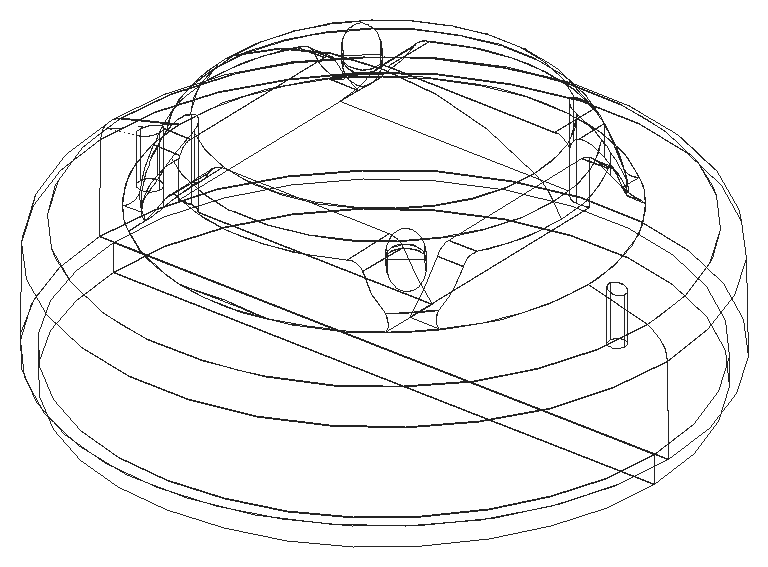
Revit family "Maxlogic Detectors", category Fire Alarm Devices, host Face, Revit 2022
Family settings
  Host = Face
  Round Connector Dimension = Use Diameter
  Part Type = Normal
  OmniClass Number = 23.85.30.21
  OmniClass Title = Environmental Detection/Registration
  Cut with Voids When Loaded = No
  Maintain Annotation Orientation = Yes
  Shared = No
  Room Calculation Point = No
Parameters (values of type "Maxlogic Intelligent Addressable Photo-Electric Smoke Detector, Short Circuit Isolator")
  Weight = "100 gr"
  Weatherproof surface mounting back box = "ML-0121"
  Warranty Duration Unit = "Year"
  Warranty Duration Parts = "2"
  Warranty Duration Labor = "2"
  Version = ""
  URL = "https://www.mavili.com.tr/en"
  Recessed mounting base = "ML-0150"
  Public Works Pose Number = "833-501"
  Protection Sign = ""
  Product Code = "ML-1110.SCI"
  Phone Number = "(+)90 216 466 45 05"
  Operatonal Voltage (default) = "26 V/DC"
  Operating voltage range = "18-33V/DC"
  Operating temperature = "(-10°C) - (+50°C)"
  Nominal Depth = "51 mm"
  Nominal Width = "106 mm"
  Nominal Height = "106 mm"
  Multisensor Circle = no
  Mounting surface = "Ceiling mount"
  Mounting height = ""
  Model = "Maxlogic"
  Manufacturer = "Mavili Elektronik Ticaret A.Ş."
  Heat Circle = no
  Installation Manual = "https://mavilielektronik.com/Revit/ML11XX_kk.pdf"
  Indicator output = "MG-4000.A"
  Fax Number = "(+)90 216 466 45 10"
  External supply = ""
  Email = "mavili@mavili.com.tr"
  Disclaimer = ""
  Device Adress Setup = "The address is given to devices by addressable programmer"
  Detectıon radıus = "6,2 m"
  Description = "Intelligent Addressable Photo-Electric Smoke Detector, Short Circuit Isolator"
  Default Elevation = 0 mm
  Current consumption = ""
  Cost unıt = ""
  Cost = 0
  Compatible sockets 2 = "ML-0141"
  Compatible sockets = "ML-0140"
  Color = "White"
  Code Performance = "EN 54-7 / EN 54-17"
  Main Material = "White Plastic PC/ABS"
  Secondary Material = "Plastic"
  Address line 1 = "Şerifali Mahallesi Kutup Sokak No:27/1-2-4 Ümraniye TR-34775 İSTANBUL"
Types (11, lengths in mm): name | Weight | Public Works Pose Number | Product Code | Operating voltage range | Multisensor Circle | Mounting surface | Heat Circle | Installation Manual | Indicator output | Device Adress Setup | Detectıon radıus | Description | Code Performance
  (no name) | "100 gr" | "833-501" | "ML-1110.SCI" | "18-33V/DC" | no | "Ceiling mount" | no | "https://mavilielektronik.com/Revit/ML11XX_kk.pdf" | "MG-4000.A" | "The address is given to devices by addressable programmer" | "6,2 m" | "Intelligent Addressable Photo-Electric Smoke Detector, Short Circuit Isolator" | "EN 54-7 / EN 54-17"
  Maxlogic Conventional Optical smoke dedector | "140 gr" | "832-106" | "ML-2110" | "10-30V/DC" | no | "Ceiling mount" | no | "https://mavilielektronik.com/Revit/ML21XX_kk.pdf" | "MG-4000" | "" | "6,2 m" | "Conventional Optical smoke dedector" | "EN 54-7"
  Maxlogic Intelligent Addressable Photo-Electric Smoke Detector | "100 gr" | "833-500" | "ML-1110" | "18-33V/DC" | no | "Ceiling mount" | no | "https://mavilielektronik.com/Revit/ML11XX_kk.pdf" | "MG-4000.A" | "The address is given to devices by addressable programmer" | "6,2 m" | "Intelligent Addressable Photo-Electric Smoke Detector" | "EN 54-7"
  Maxlogic Intelligent Addressable Photo-Electric Smoke Detector, Short Circuit Isolator | "100 gr" | "833-501" | "ML-1110.SCI" | "18-33V/DC" | no | "Ceiling mount" | no | "https://mavilielektronik.com/Revit/ML11XX_kk.pdf" | "MG-4000.A" | "The address is given to devices by addressable programmer" | "6,2 m" | "Intelligent Addressable Photo-Electric Smoke Detector, Short Circuit Isolator" | "EN 54-7 / EN 54-17"
  Maxlogic Conventional Fixed heat detector | "135 gr" | "832-102" | "ML-2120" | "10-30V/DC" | no | "Ceiling mount" | yes | "https://mavilielektronik.com/Revit/ML21XX_kk.pdf" | "MG-4000" | "" | "4,5 m" | "Conventional Fixed heat detector" | "EN 54-5"
  Maxlogic Conventional Rate of rise heat detector | "135 gr" | "832-103" | "ML-2130" | "10-30V/DC" | no | "ceiling mount" | yes | "https://mavilielektronik.com/Revit/ML21XX_kk.pdf" | "MG-4000" | "" | "4,5 m" | "Conventional Rate of rise heat detector" | "EN 54-5"
  Maxlogic Intelligent Addressable Heat Detector | "95 gr" | "833-520" | "ML-1130" | "18-33V/DC" | no | "Ceiling mount" | yes | "https://mavilielektronik.com/Revit/ML11XX_kk.pdf" | "MG-4000.A" | "The address is given to devices by addressable programmer" | "4,5 m" | "Intelligent Addressable Heat Detector" | "EN 54-5"
  Maxlogic Intelligent Addressable Heat Detector, Short Circuit Isolator | "95 gr" | "833-521" | "ML-1130.SCI" | "18-33V/DC" | no | "Ceiling mount" | yes | "https://mavilielektronik.com/Revit/ML11XX_kk.pdf" | "MG-4000.A" | "The address is given to devices by addressable programmer" | "4,5 m" | "Intelligent Addressable Heat Detector, Short Circuit Isolator" | "EN 54-5 / EN 54-17"
  Maxlogic Conventional Multi-Sensor detector | "141 gr" | "832-109" | "ML-2140" | "10-30V/DC" | yes | "Ceiling mount" | yes | "https://mavilielektronik.com/Revit/ML21XX_kk.pdf" | "MG-4000" | "" | "4,5 m" | "Conventional Multi-Sensor detector" | "EN 54-5 / EN 54-7"
  Maxlogic Intelligent Addressable Multisensor Detector (Photo-Electric Smoke+Heat ) | "100 gr" | "833-530" | "ML-1140" | "18-33V/DC" | yes | "Ceiling mount" | yes | "https://mavilielektronik.com/Revit/ML11XX_kk.pdf" | "MG-4000.A" | "The address is given to devices by addressable programmer" | "4,5 m" | "Intelligent Addressable Multisensor Detector (Photo-Electric Smoke+Heat )" | "EN 54-5 / EN 54-7 / EN 54-17"
  Maxlogic Intelligent Addressable Multisensor Detector (Photo-Electric Smoke+Heat ), Short Circuit Isolator | "100 gr" | "833-531" | "ML-1140.SCI" | "18-33V/DC" | yes | "Ceiling mount" | yes | "https://mavilielektronik.com/Revit/ML11XX_kk.pdf" | "MG-4000.A" | "The address is given to devices by addressable programmer" | "4,5 m" | "Intelligent Addressable Multisensor Detector (Photo-Electric Smoke+Heat ), Short Circuit Isolator" | "EN 54-5 / EN 54-7 / EN 54-17"
Reference planes
  plane 1 "Center (Front/Back)": y = 0
  plane 2: z = 0
  plane 3 "Center (Left/Right)": x = 0
Forms (mm)
  Revolve 1, solid, material "Mavili beyaz"
    sketch origin (0, 0, 0) x (1, 0, 0) y (0, 0, 1)
      loop
        line (-52.919, 5) -> (0, 5) -> (0, 51.518)
        arc (0, 51.518) -> (-14.553, 49.716) -> (-28.057, 44) r 53.06
        arc (-28.057, 44) -> (-30.023, 42.467) -> (-31.557, 40.5) r 10.149
        arc (-31.557, 40.5) -> (-33.994, 35.835) -> (-35.524, 30.799) r 28.268
        arc (-35.524, 30.799) -> (-36.595, 29.67) -> (-38, 29) r 4.27
        line (-38, 29) -> (-48.929, 26.072)
        arc (-48.929, 26.072) -> (-51.575, 24.32) -> (-52.634, 21.329) r 5
        line (-52.634, 21.329) -> (-52.919, 5)
      axis (0, 5) -> (0, 51.518)
    angle from 0 to 360
  Revolve 2, solid, material "Mavili beyaz"
    sketch origin (-150, 0, 0) x (1, 0, 0) y (0, 0, 1)
      loop
        line (99.626, 5) -> (99.626, 0) -> (149.926, 0) -> (149.926, 5) -> (99.626, 5)
      axis (149.926, 0) -> (149.926, 5)
    angle from 0 to 360
  Extrusion 3, void
    sketch origin (-0.604, 5.6, 0) x (0, -1, 0) y (0, 0, 1)
      loop
        spline (-12.932, 36.606) -> (-13.32, 35.909) -> (-13.72, 35.223) -> (-14.132, 34.547) -> (-14.556, 33.882) -> (-14.992, 33.229) -> (-15.439, 32.588) -> (-15.897, 31.958) -> (-16.366, 31.341) -> (-16.847, 30.737) -> (-17.338, 30.145) -> (-17.839, 29.566) -> (-18.351, 29)
        line (-18.351, 29) -> (29.551, 29)
        spline (29.551, 29) -> (28.951, 29.556) -> (28.363, 30.124) -> (27.786, 30.704) -> (27.219, 31.297) -> (26.664, 31.901) -> (26.121, 32.516) -> (25.589, 33.143) -> (25.07, 33.781) -> (24.562, 34.43) -> (24.067, 35.09) -> (23.585, 35.759) -> (23.115, 36.439)
        spline (23.115, 36.439) -> (22.965, 36.668) -> (22.796, 36.886) -> (22.611, 37.091) -> (22.411, 37.28) -> (22.199, 37.451) -> (21.978, 37.602) -> (21.751, 37.73) -> (21.521, 37.835) -> (21.289, 37.914) -> (21.06, 37.967) -> (20.837, 37.993) -> (20.618, 38)
        line (20.618, 38) -> (-10.439, 37.994)
        spline (-10.439, 37.994) -> (-10.678, 37.983) -> (-10.918, 37.951) -> (-11.159, 37.897) -> (-11.397, 37.822) -> (-11.63, 37.727) -> (-11.856, 37.613) -> (-12.072, 37.481) -> (-12.276, 37.332) -> (-12.466, 37.169) -> (-12.64, 36.992) -> (-12.796, 36.804) -> (-12.932, 36.606)
    from 23.347 to 38.235
  Extrusion 4, void
    sketch origin (5.6, -13.629, 0) x (-1, 0, 0) y (0, 0, -1)
      loop
        spline (-12.932, -36.606) -> (-12.796, -36.804) -> (-12.64, -36.992) -> (-12.466, -37.169) -> (-12.276, -37.332) -> (-12.072, -37.481) -> (-11.856, -37.613) -> (-11.63, -37.727) -> (-11.397, -37.822) -> (-11.159, -37.897) -> (-10.918, -37.951) -> (-10.678, -37.983) -> (-10.439, -37.994)
        line (-10.439, -37.994) -> (20.618, -38)
        spline (20.618, -38) -> (20.837, -37.993) -> (21.06, -37.967) -> (21.289, -37.914) -> (21.521, -37.835) -> (21.751, -37.73) -> (21.978, -37.602) -> (22.199, -37.451) -> (22.411, -37.28) -> (22.611, -37.091) -> (22.796, -36.886) -> (22.965, -36.668) -> (23.115, -36.439)
        spline (23.115, -36.439) -> (23.585, -35.759) -> (24.067, -35.09) -> (24.562, -34.43) -> (25.07, -33.781) -> (25.589, -33.143) -> (26.121, -32.516) -> (26.664, -31.901) -> (27.219, -31.297) -> (27.786, -30.704) -> (28.363, -30.124) -> (28.951, -29.556) -> (29.551, -29)
        line (29.551, -29) -> (-18.351, -29)
        spline (-18.351, -29) -> (-17.839, -29.566) -> (-17.338, -30.145) -> (-16.847, -30.737) -> (-16.366, -31.341) -> (-15.897, -31.958) -> (-15.439, -32.588) -> (-14.992, -33.229) -> (-14.556, -33.882) -> (-14.132, -34.547) -> (-13.72, -35.223) -> (-13.32, -35.909) -> (-12.932, -36.606)
    from 5.109 to 23.424
  Extrusion 5, void
    sketch origin (5.6, 59.203, 0) x (-1, 0, 0) y (0, 0, 1)
      loop
        spline (-12.932, 36.606) -> (-13.32, 35.909) -> (-13.72, 35.223) -> (-14.132, 34.547) -> (-14.556, 33.882) -> (-14.992, 33.229) -> (-15.439, 32.588) -> (-15.897, 31.958) -> (-16.366, 31.341) -> (-16.847, 30.737) -> (-17.338, 30.145) -> (-17.839, 29.566) -> (-18.351, 29)
        line (-18.351, 29) -> (29.551, 29)
        spline (29.551, 29) -> (28.951, 29.556) -> (28.363, 30.124) -> (27.786, 30.704) -> (27.219, 31.297) -> (26.664, 31.901) -> (26.121, 32.516) -> (25.589, 33.143) -> (25.07, 33.781) -> (24.562, 34.43) -> (24.067, 35.09) -> (23.585, 35.759) -> (23.115, 36.439)
        spline (23.115, 36.439) -> (22.965, 36.668) -> (22.796, 36.886) -> (22.611, 37.091) -> (22.411, 37.28) -> (22.199, 37.451) -> (21.978, 37.602) -> (21.751, 37.73) -> (21.521, 37.835) -> (21.289, 37.914) -> (21.06, 37.967) -> (20.837, 37.993) -> (20.618, 38)
        line (20.618, 38) -> (-10.439, 37.994)
        spline (-10.439, 37.994) -> (-10.678, 37.983) -> (-10.918, 37.951) -> (-11.159, 37.897) -> (-11.397, 37.822) -> (-11.63, 37.727) -> (-11.856, 37.613) -> (-12.072, 37.481) -> (-12.276, 37.332) -> (-12.466, 37.169) -> (-12.64, 36.992) -> (-12.796, 36.804) -> (-12.932, 36.606)
    from -39.5 to -20.535
  Extrusion 6, void
    sketch origin (39.396, 5.6, 0) x (0, -1, 0) y (0, 0, 1)
      loop
        spline (-12.932, 36.606) -> (-13.32, 35.909) -> (-13.72, 35.223) -> (-14.132, 34.547) -> (-14.556, 33.882) -> (-14.992, 33.229) -> (-15.439, 32.588) -> (-15.897, 31.958) -> (-16.366, 31.341) -> (-16.847, 30.737) -> (-17.338, 30.145) -> (-17.839, 29.566) -> (-18.351, 29)
        line (-18.351, 29) -> (29.551, 29)
        spline (29.551, 29) -> (28.951, 29.556) -> (28.363, 30.124) -> (27.786, 30.704) -> (27.219, 31.297) -> (26.664, 31.901) -> (26.121, 32.516) -> (25.589, 33.143) -> (25.07, 33.781) -> (24.562, 34.43) -> (24.067, 35.09) -> (23.585, 35.759) -> (23.115, 36.439)
        spline (23.115, 36.439) -> (22.965, 36.668) -> (22.796, 36.886) -> (22.611, 37.091) -> (22.411, 37.28) -> (22.199, 37.451) -> (21.978, 37.602) -> (21.751, 37.73) -> (21.521, 37.835) -> (21.289, 37.914) -> (21.06, 37.967) -> (20.837, 37.993) -> (20.618, 38)
        line (20.618, 38) -> (-10.439, 37.994)
        spline (-10.439, 37.994) -> (-10.678, 37.983) -> (-10.918, 37.951) -> (-11.159, 37.897) -> (-11.397, 37.822) -> (-11.63, 37.727) -> (-11.856, 37.613) -> (-12.072, 37.481) -> (-12.276, 37.332) -> (-12.466, 37.169) -> (-12.64, 36.992) -> (-12.796, 36.804) -> (-12.932, 36.606)
    from 0.766 to 15.446
  Extrusion 7, void
    sketch origin (1.322, 1.416, 4) x (0.087156, -0.996195, 0) y (-0.996195, -0.087156, 0)
      loop
        spline (16.87, 24.595) -> (16.963, 24.272) -> (17.107, 23.921) -> (17.305, 23.553) -> (17.56, 23.185) -> (17.87, 22.83) -> (18.224, 22.508) -> (18.612, 22.228) -> (19.022, 21.999) -> (19.436, 21.825) -> (19.839, 21.707) -> (20.213, 21.639) -> (20.55, 21.615)
        arc (20.55, 21.615) -> (22.96, 22.422) -> (24.65, 24.318) r 4.946
        spline (24.65, 24.318) -> (24.838, 24.591) -> (24.975, 24.904) -> (25.062, 25.252) -> (25.095, 25.63) -> (25.076, 26.032) -> (25.004, 26.452) -> (24.88, 26.884) -> (24.706, 27.321) -> (24.484, 27.757) -> (24.219, 28.185) -> (23.914, 28.599) -> (23.573, 28.992)
        spline (23.573, 28.992) -> (23.149, 29.264) -> (22.709, 29.497) -> (22.26, 29.69) -> (21.807, 29.839) -> (21.358, 29.942) -> (20.919, 29.998) -> (20.495, 30.005) -> (20.094, 29.964) -> (19.72, 29.875) -> (19.379, 29.74) -> (19.075, 29.561) -> (18.814, 29.339)
        arc (18.814, 29.339) -> (17.158, 27.248) -> (16.87, 24.595) r 4.815
    from -52.091 to -25
  Extrusion 8, void
    sketch origin (-1.322, -1.416, 4) x (-0.087156, 0.996195, 0) y (0.996195, 0.087156, 0)
      loop
        spline (16.87, 24.595) -> (16.963, 24.272) -> (17.107, 23.921) -> (17.305, 23.553) -> (17.56, 23.185) -> (17.87, 22.83) -> (18.224, 22.508) -> (18.612, 22.228) -> (19.022, 21.999) -> (19.436, 21.825) -> (19.839, 21.707) -> (20.213, 21.639) -> (20.55, 21.615)
        arc (20.55, 21.615) -> (22.96, 22.422) -> (24.65, 24.318) r 4.946
        spline (24.65, 24.318) -> (24.838, 24.591) -> (24.975, 24.904) -> (25.062, 25.252) -> (25.095, 25.63) -> (25.076, 26.032) -> (25.004, 26.452) -> (24.88, 26.884) -> (24.706, 27.321) -> (24.484, 27.757) -> (24.219, 28.185) -> (23.914, 28.599) -> (23.573, 28.992)
        spline (23.573, 28.992) -> (23.149, 29.264) -> (22.709, 29.497) -> (22.26, 29.69) -> (21.807, 29.839) -> (21.358, 29.942) -> (20.919, 29.998) -> (20.495, 30.005) -> (20.094, 29.964) -> (19.72, 29.875) -> (19.379, 29.74) -> (19.075, 29.561) -> (18.814, 29.339)
        arc (18.814, 29.339) -> (17.158, 27.248) -> (16.87, 24.595) r 4.815
    from -52.091 to -25
  Revolve 9, solid, material "Glass"
    sketch origin (0.301, -0.834, 36.83) x (0.996195, 0.087156, 0) y (-0.087156, 0.996195, 0)
      loop
        spline (-18.665, 27.53) -> (-19.251, 27.95) -> (-19.899, 28.27) -> (-20.595, 28.463) -> (-21.318, 28.496) -> (-22.023, 28.338) -> (-22.649, 27.979) -> (-23.134, 27.443) -> (-23.439, 26.785) -> (-23.559, 26.071) -> (-23.516, 25.347) -> (-23.339, 24.648) -> (-23.047, 23.981)
        spline (-23.047, 23.981) -> (-22.978, 23.855) -> (-22.905, 23.731) -> (-22.829, 23.609) -> (-22.75, 23.49) -> (-22.667, 23.372) -> (-22.58, 23.258) -> (-22.491, 23.145) -> (-22.398, 23.036) -> (-22.303, 22.929) -> (-22.204, 22.824) -> (-22.103, 22.722) -> (-21.998, 22.624)
        line (-21.998, 22.624) -> (-17.511, 26.168)
        spline (-17.511, 26.168) -> (-17.589, 26.296) -> (-17.67, 26.421) -> (-17.755, 26.544) -> (-17.843, 26.665) -> (-17.935, 26.783) -> (-18.03, 26.898) -> (-18.128, 27.01) -> (-18.229, 27.12) -> (-18.334, 27.227) -> (-18.441, 27.331) -> (-18.552, 27.432) -> (-18.665, 27.53)
      axis (-21.998, 22.624) -> (-17.511, 26.168)
    angle from 172.048 to -180
  Revolve 10, solid, material "Glass"
    sketch origin (-0.301, 0.834, 36.83) x (-0.996195, -0.087156, 0) y (0.087156, -0.996195, 0)
      loop
        spline (-18.665, 27.53) -> (-19.251, 27.95) -> (-19.899, 28.27) -> (-20.595, 28.463) -> (-21.318, 28.496) -> (-22.023, 28.338) -> (-22.649, 27.979) -> (-23.134, 27.443) -> (-23.439, 26.785) -> (-23.559, 26.071) -> (-23.516, 25.347) -> (-23.339, 24.648) -> (-23.047, 23.981)
        spline (-23.047, 23.981) -> (-22.978, 23.855) -> (-22.905, 23.731) -> (-22.829, 23.609) -> (-22.75, 23.49) -> (-22.667, 23.372) -> (-22.58, 23.258) -> (-22.491, 23.145) -> (-22.398, 23.036) -> (-22.303, 22.929) -> (-22.204, 22.824) -> (-22.103, 22.722) -> (-21.998, 22.624)
        line (-21.998, 22.624) -> (-17.511, 26.168)
        spline (-17.511, 26.168) -> (-17.589, 26.296) -> (-17.67, 26.421) -> (-17.755, 26.544) -> (-17.843, 26.665) -> (-17.935, 26.783) -> (-18.03, 26.898) -> (-18.128, 27.01) -> (-18.229, 27.12) -> (-18.334, 27.227) -> (-18.441, 27.331) -> (-18.552, 27.432) -> (-18.665, 27.53)
      axis (-21.998, 22.624) -> (-17.511, 26.168)
    angle from 172.048 to -180
  Sweep 11, solid, material "Mavili siyah.1", visible <- "Heat Circle"
    path origin (0, 0, 49.5) x (0, 1, 0) y (-1, 0, 0)
      loop
        arc (14.84, 0.029) -> (10.47, 10.578) -> (-0.079, 14.948) r 14.919
        arc (-0.079, 14.948) -> (-10.638, 10.574) -> (-15.012, 0.015) r 14.932
        arc (-15.012, 0.015) -> (-10.638, -10.543) -> (-0.079, -14.917) r 14.932
        arc (-0.079, -14.917) -> (10.479, -10.538) -> (14.84, 0.029) r 14.919
    profile origin (10.538, 10.479, 49.5) x (0.706483, 0.70773, 0) y (0, 0, 1)
      loop
        circle (0, 0) r 0.5
  Sweep 12, solid, material "Mavili siyah.1", visible <- "Multisensor Circle"
    path origin (0, 0, 48.025) x (0, 1, 0) y (-1, 0, 0)
      loop
        arc (19.793, 0.005) -> (13.97, 14.063) -> (-0.088, 19.886) r 19.881
        arc (-0.088, 19.886) -> (-14.145, 14.063) -> (-19.968, 0.006) r 19.88
        arc (-19.968, 0.006) -> (-14.143, -14.057) -> (-0.079, -19.882) r 19.889
        arc (-0.079, -19.882) -> (13.978, -14.057) -> (19.793, 0.005) r 19.872
    profile origin (14.057, 13.978, 48.025) x (0.706832, 0.707382, 0) y (0, 0, 1)
      loop
        circle (0, 0) r 0.5
  Extrusion 13, void
    sketch origin (0, 0, 29) x (0, 1, 0) y (-1, 0, 0)
      loop
        circle (-2.981, 41.129) r 2
      loop
        circle (2.823, -41.129) r 1.5
    from 0 to -10
Cuts and joins
  Extrusion 3, Extrusion 4, Extrusion 5, Extrusion 6, Extrusion 7, Extrusion 8, Extrusion 13 cuts Revolve 1
Dimensions and locks
  radius of Sweep 11 sketch curve = 0.5 mm
  aligned and locked: plane 2 to host face
  aligned and locked: level to host face
